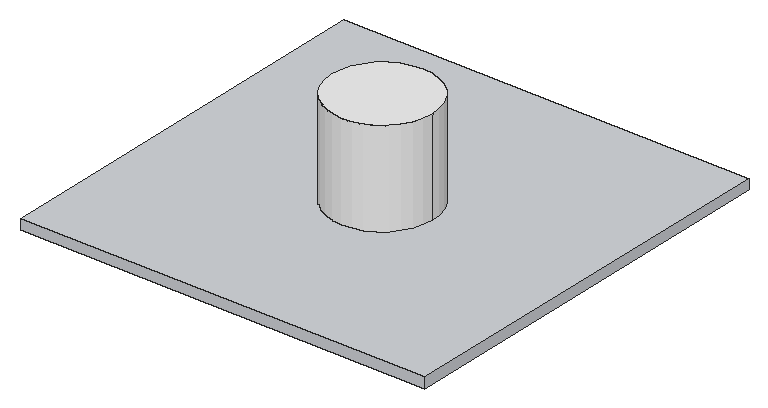
Revit family "4967000", category Aparatos sanitarios, Revit 2017
Family settings
  Anfitrión = Cara
  Cota de conector redondo = Diámetro de uso
  Tipo de pieza = Normal
  Número OmniClass = 23.45.55.14
  Título OmniClass = Single Faucets
  Corte con vacíos al cargar = No
  Compartido = No
  Punto de cálculo de habitación = No
Parameters (values of type "4967000")
  URL = "http://www.griferiasgalindo.com"
  Teléfono = "(+34) 915 782 575"
  TIPO DE AGUA = "Fria/Caliente"
  REFERENCIA = "4967000"
  Presión Máxima = "8 bar"
  PESO BRUTO = ""
  Modelo = "GRIFO DE BIDET sin desagüe"
  Material = LATON CROMADO
  Imagen de tipo = <Ninguno>
  Fabricante = "PRESTO IBÉRICA"
  Default Elevation = 1219.2 mm
  ENTRADA = "Latiguillos de 3/8\""
  Descripción = "Monomando bidet"
  Código de montaje = "C1030220"
  Contacto = "info@prestoiberica.com"
  Conexión AF = yes
  Conexión AC = yes
  Comentarios de tipo = "Cartucho sellado con discos cerámicos de Ø 25 mm.  Con aireador oculto. Suministrado con latiguillos flexibles de 3/8\" y longitud de 45 mm."
  CIERRE = "Manual"
  CAUDAL = ""
  Accionamiento = "Mediante maneta"
Reference planes
  plane 1 "Centro (Frontal/Posterior)": y = 0
  plane 2: z = 0
  plane 3 "Centro (Izquierda/Derecha)": x = 0
  plane 4 "cuerpo": z = 49.135
Forms (mm)
  Extrusion 1, solid
    sketch origin (0, 0, 0) x (1, 0, 0) y (0, 1, 0)
      loop
        line (-100, 100) -> (-100, -100) -> (100, -100) -> (100, 100) -> (-100, 100)
    from 0 to -5
  Extrusion 2, solid, material "LATON CROMADO"
    sketch origin (0, -1.25, 49.135) x (0, -1, 0) y (1, 0, 0)
      loop
        circle (0, 0) r 25
    from -49.135 to -2.088
Dimensions and locks
  Extrusion 1 sketch curve to plane 1 "Centro (Frontal/Posterior)" = 100 mm
  aligned and locked: plane 2 to Extrusion 1
  aligned and locked: level to Extrusion 1
Connectors
  piping at (0, 10.431, -0.154), diameter 9.5
    settings: on import instance, index 1, connector inside diameter 609.6 mm, connector length 0 mm, flow factor 0, pipe flow 0.0 L/s, pressure drop 0.0 Pa, fitting loss kfactor 0, connector angle 0.00°, fixture units 0, engagement length 0 mm, angle of deflection 0.00°, flow configuration 0, flow direction 0, fitting loss method 0, system type 7, joint type 0, gender type 0, connector reference index -1, connector utility 0, adjustable connector no, is connector primary yes, connector description ""
